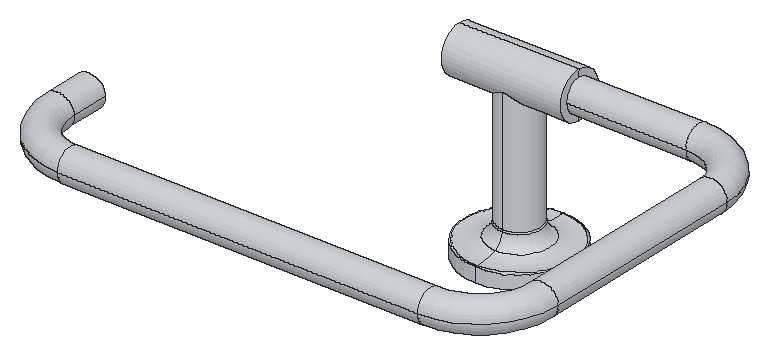
Revit family "Accessory-Towel_Ring-KOHLER-Purist-K-14441BR_1", category Specialty Equipment, host Face, Revit 2017
Family settings
  Host = Face
  Round Connector Dimension = Use Diameter
  Part Type = Normal
  OmniClass Number = 23.31.25.00
  OmniClass Title = Toilet and Bath Specialties
  Cut with Voids When Loaded = No
  Shared = No
  Room Calculation Point = No
Parameters (values of type "CP-Polished Chrome")
  Width = 8 219/256"  # constant formula
  WaterSense Certified = 1 = 0  # no
  URL = "https://br.kohler.com/"
  Type = 1
  Product Page URL = "https://br.kohler.com/product-detail/14441br?skuid=K-14441BR-CP"
  Product Name = "Purist"  # constant formula
  Product Documentation Link = ""
  Model = if(Type = 1, "K-14441BR-CP", if(Type = 2, "K-14441BR-BN", if(Type = 3, "K-14441BR-RGD", "NA")))  # "K-14441BR-CP"
  Material = "Premium Metal Construction"  # constant formula
  Master Format 2014 Name = "Toilet, Bath, and Laundry Accessories"  # constant formula
  Master Format 2014 = "10 28 00"  # constant formula
  Manufacturer Address = "Rio de Janeiro MULTIREPAROS RUA BATISTA DA COSTA, Nº 352 | STORE B Rio de Janeiro SÃO GONÇALO 24450-470"  # constant formula
  Manufacturer = "KOHLER Co."  # constant formula
  Length = 3 29/128"  # constant formula
  Height = 6 31/32"  # constant formula
  Finish = Kohler-Metal-CP-Polished_Chrome
  Environmental Product Declaration = ""
  Description = "Ring towel rack"  # constant formula
  Default Elevation = 42"
  Declare Label = ""
  Date Modified = "07/09/2020"  # constant formula
  Date Created = "07/09/2020"  # constant formula
  Copyright = "Copyright KOHLER Co."  # constant formula
  Contact Us = "https://br.kohler.com/asr-listing"
  Assembly Code = "C1030200"
  ADA Compliant = 1 = 0  # no
Types (4): name | Type | Product Page URL | Model | Finish
  (no name) | 1 | "https://br.kohler.com/product-detail/14441br?skuid=K-14441BR-CP" | "K-14441BR-CP" | Kohler-Metal-CP-Polished_Chrome
  CP-Polished Chrome | 1 | "https://br.kohler.com/product-detail/14441br?skuid=K-14441BR-CP" | "K-14441BR-CP" | Kohler-Metal-CP-Polished_Chrome
  BN-Vibrant Brushed Nickel | 2 | "https://br.kohler.com/product-detail/14441br?skuid=K-14441BR-BN" | "K-14441BR-BN" | Kohler-Metal-BN-Vibrant_Brushed_Nickel
  RGD-Vibrant Rose Gold | 3 | "https://br.kohler.com/product-detail/14441br?skuid=K-14441BR-RGD" | "K-14441BR-RGD" | Kohler-Metal-RGD-Polished_Rose_Gold
Reference planes (in)
  plane 1 "Center (Front/Back)": y = 0
  plane 2: z = 0
  plane 3 "Center (Left/Right)": x = 0
  plane 4: x = -3.89761
  plane 5: x = -4.17323
  plane 6: z = 0.25558
  plane 7: x = -4.44885
  plane 8: x = 4.40662
  plane 9: x = 0.94488
  plane 10: x = 3.85701
  plane 11: y = 0.94488
  plane 12: y = -0.94488
  plane 13: z = 3.22656
  plane 14: z = 2.55763
  plane 15: z = 2.43955
  plane 16: x = -0.94488
  plane 17: x = 4.13264
  plane 18: y = 0.3937
  plane 19: y = -0.3937
  plane 20: y = -5.47243
  plane 21: y = -6.02387
  plane 22: y = -5.74805
  plane 23: x = -1.02362
  plane 24: x = 1.02362
  plane 25: y = -4.01893
  plane 26: z = 3.10887
  plane 27: y = -2.53949
  plane 28: z = 2.83325
  plane 29: x = 0.35433
  plane 30: x = -0.35433
  plane 31: y = 0.35433
  plane 32: y = -0.35433
Dimensions and locks (in)
  plane 16 to plane 9 = 1.88976"
  plane 11 to plane 12 = 1.88976"
  "Height": plane 11 to plane 21
  "Width": plane 7 to plane 8
  "Length": plane 13 to level
  aligned and locked: plane 2 to host face
  aligned and locked: level to host face
  aligned and locked: plane 3 "Center (Left/Right)" to nested 1
  aligned and locked: plane 1 "Center (Front/Back)" to nested 1
Automatic sketch dimensions
  host sketch curve to host sketch curve = 96"  (x2)
Nested families (in)
  nested 1: "K-14441BR" at (0, 0, 0), type "K-14441BR"
Definition of nested family "K-14441BR"
  Parameters (values of type "K-14441BR")
    Material = none
  Reference planes (in)
    plane 1 "Center (Front/Back)": y = 0
    plane 2: z = 0
    plane 3 "Center (Left/Right)": x = 0
    plane 4: y = -0.94488
    plane 5: y = 0.94488
    plane 6: y = -6.02367
    plane 7: y = 0.3937
    plane 8: y = -0.3937
    plane 9: y = -5.47243
    plane 10: x = -4.17323
    plane 11: x = -4.44885
    plane 12: x = -3.89761
    plane 13: x = 3.85701
    plane 14: x = 4.40826
    plane 15: x = 4.13264
    plane 16: y = -5.74805
    plane 17: x = -0.94488
    plane 18: x = 0.94488
    plane 19: z = 3.22695
    plane 20: z = 3.10887
    plane 21: z = 2.55763
    plane 22: z = 2.43955
    plane 23: z = 0.25558
    plane 24: z = 2.83325
    plane 25: y = -4.01893
    plane 26: x = -1.02362
    plane 27: x = 1.02362
  Forms (in)
    Revolve 1, solid, material <- "Material", detail levels medium+fine
      sketch origin (0, 0, 0) x (0, 1, 0) y (0, 0, 1)
        loop
          line (0.94488, 0) -> (0.94488, 0.23717)
          arc (0.94488, 0.23717) -> (0.9379, 0.25155) -> (0.92229, 0.25497) r 0.0183
          arc (0.92229, 0.25497) -> (0.71403, 0.24345) -> (0.51525, 0.30661) r 0.57796
          arc (0.51525, 0.30661) -> (0.41222, 0.40082) -> (0.36741, 0.53304) r 0.28033
          arc (0.36741, 0.53304) -> (0.36344, 0.54785) -> (0.35433, 0.56019) r 0.04125
          line (0.35433, 0.56019) -> (0.35433, 2.81812) -> (0, 2.81812) -> (0, 0) -> (0.94488, 0)
        axis (0, 2.81812) -> (0, 0)
      angle from 0 to 360
    Revolve 2, solid, material <- "Material", detail levels medium+fine
      sketch origin (0, 0, 0) x (1, 0, 0) y (0, 0, 1)
        loop
          line (1.02362, 2.83325) -> (1.02362, 3.22695) -> (-1.02362, 3.22695) -> (-1.02362, 3.19589)
          arc (-1.02362, 3.19589) -> (-0.99214, 3.01578) -> (-0.98159, 2.83325) r 1.58553
          line (-0.98159, 2.83325) -> (1.02362, 2.83325)
        axis (-1.02362, 2.83325) -> (1.02362, 2.83325)
      angle from 0 to 360
    Sweep 3, solid, material <- "Material", detail levels medium+fine
      path origin (0, 0, 0) x (1, 0, 0) y (0, 1, 0)
        loop
          line (1.02362, 0) -> (3.07013, 0)
          arc (3.07013, 0) -> (3.82143, -0.3112) -> (4.13263, -1.0625) r 1.0625
          line (4.13263, -1.0625) -> (4.13263, -4.68555)
          arc (4.13263, -4.68555) -> (3.82143, -5.43685) -> (3.07013, -5.74805) r 1.0625
          line (3.07013, -5.74805) -> (-3.11073, -5.74805)
          arc (-3.11073, -5.74805) -> (-3.86203, -5.43685) -> (-4.17323, -4.68555) r 1.0625
          line (-4.17323, -4.68555) -> (-4.17323, -4.01893)
      profile origin (2.04688, 0, 0) x (0, 1, 0) y (0, 0, 1)
        loop
          circle (0, 2.83325) r 0.27562
    Revolve 4, solid, material <- "Material", detail levels coarse
      sketch origin (0, 0, 0) x (1, 0, 0) y (0, 0, 1)
        loop
          line (-0.94488, 0) -> (0, 0) -> (0, 2.83325) -> (-0.35433, 2.83325) -> (-0.35433, 0.25558) -> (-0.94488, 0.25558) -> (-0.94488, 0)
        axis (0, 0) -> (0, 2.83325)
      angle from 0 to 360
    Sweep 5, solid, material <- "Material", detail levels coarse
      path origin (0, 0, 0) x (1, 0, 0) y (0, 1, 0)
        loop
          line (-4.44885, -4.01893) -> (-4.44885, -4.68636)
          arc (-4.44885, -4.68636) -> (-4.05716, -5.63198) -> (-3.11154, -6.02367) r 1.33731
          line (-3.11154, -6.02367) -> (3.07108, -6.02367)
          arc (3.07108, -6.02367) -> (4.01661, -5.63202) -> (4.40826, -4.68649) r 1.33718
          line (4.40826, -4.68649) -> (4.40826, -1.06159)
          arc (4.40826, -1.06159) -> (4.0166, -0.11604) -> (3.07105, 0.27562) r 1.33721
          line (3.07105, 0.27562) -> (1.02362, 0.27562)
      profile origin (-0.02023, -6.02367, 0) x (0, 1, 0) y (0, 0, 1)
        loop
          circle (0.27562, 2.83325) r 0.29528
    Extrusion 6, solid, material <- "Material", detail levels coarse
      sketch origin (0, 0, 0) x (0, 1, 0) y (0, 0, 1)
        loop
          circle (0, 2.83325) r 0.3937
      from -1.02362 to 1.02362
  Cuts and joins
    joined: Revolve 1, Revolve 2, Sweep 3
    joined: Revolve 4, Sweep 5, Extrusion 6
  Lines and regions (in)
    Masking region 1
      outline origin (0, 0, 0) x (1, 0, 0) y (0, 0, 1)
        loop
          line (1.02362, 3.22695) -> (-1.02362, 3.22695) -> (-1.02362, 3.10887) -> (-4.17209, 3.10887)
          arc (-4.17209, 3.10887) -> (-4.44771, 2.83325) -> (-4.17209, 2.55763) r 0.27562
          line (-4.17209, 2.55763) -> (-1.02362, 2.55763) -> (-1.02362, 2.43955) -> (-0.35433, 2.43955) -> (-0.35433, 0.56019)
          arc (-0.35433, 0.56019) -> (-0.36366, 0.54508) -> (-0.36796, 0.52784) r 0.05768
          arc (-0.36796, 0.52784) -> (-0.41765, 0.39249) -> (-0.52845, 0.30023) r 0.278
          arc (-0.52845, 0.30023) -> (-0.58666, 0.27584) -> (-0.64643, 0.25558) r 0.89997
          line (-0.64643, 0.25558) -> (-0.92478, 0.25558)
          arc (-0.92478, 0.25558) -> (-0.93899, 0.24969) -> (-0.94488, 0.23547) r 0.02011
          line (-0.94488, 0.23547) -> (-0.94488, 0) -> (0.94488, 0) -> (0.94488, 0.23547)
          arc (0.94488, 0.23547) -> (0.93899, 0.24969) -> (0.92478, 0.25558) r 0.02011
          line (0.92478, 0.25558) -> (0.64643, 0.25558)
          arc (0.64643, 0.25558) -> (0.58666, 0.27584) -> (0.52845, 0.30023) r 0.89997
          arc (0.52845, 0.30023) -> (0.41765, 0.39249) -> (0.36796, 0.52784) r 0.278
          arc (0.36796, 0.52784) -> (0.36366, 0.54508) -> (0.35433, 0.56019) r 0.05768
          line (0.35433, 0.56019) -> (0.35433, 2.43955) -> (1.02362, 2.43955) -> (1.02362, 2.55763) -> (4.13452, 2.55763)
          arc (4.13452, 2.55763) -> (4.41014, 2.83325) -> (4.13452, 3.10887) r 0.27562
          line (4.13452, 3.10887) -> (1.02362, 3.10887) -> (1.02362, 3.22695)
    Masking region 2
      outline origin (0, 0, 0) x (0, 1, 0) y (0, 0, 1)
        loop
          line (0.94488, 0) -> (0.94488, 0.23578)
          arc (0.94488, 0.23578) -> (0.93911, 0.24971) -> (0.92518, 0.25548) r 0.0197
          line (0.92518, 0.25548) -> (0.64753, 0.25548)
          arc (0.64753, 0.25548) -> (0.59761, 0.27211) -> (0.5482, 0.29019) r 1.80399
          arc (0.5482, 0.29019) -> (0.4244, 0.38305) -> (0.36829, 0.52727) r 0.28184
          arc (0.36829, 0.52727) -> (0.36386, 0.54481) -> (0.35433, 0.56019) r 0.05896
          line (0.35433, 0.56019) -> (0.35433, 2.66164)
          arc (0.35433, 2.66164) -> (0.22659, 3.15521) -> (-0.28113, 3.10887) r 0.3937
          line (-0.28113, 3.10887) -> (-5.76127, 3.10887)
          arc (-5.76127, 3.10887) -> (-6.02425, 2.82704) -> (-5.74856, 2.55763) r 0.27577
          line (-5.74856, 2.55763) -> (-0.35433, 2.55763) -> (-0.35433, 0.56019)
          arc (-0.35433, 0.56019) -> (-0.36386, 0.54481) -> (-0.36829, 0.52727) r 0.05896
          arc (-0.36829, 0.52727) -> (-0.4244, 0.38305) -> (-0.5482, 0.29019) r 0.28184
          arc (-0.5482, 0.29019) -> (-0.59761, 0.27211) -> (-0.64753, 0.25548) r 1.80399
          line (-0.64753, 0.25548) -> (-0.92518, 0.25548)
          arc (-0.92518, 0.25548) -> (-0.93911, 0.24971) -> (-0.94488, 0.23578) r 0.0197
          line (-0.94488, 0.23578) -> (-0.94488, 0) -> (0.94488, 0)
    Masking region 3
      outline origin (0, 0, 0) x (1, 0, 0) y (0, 1, 0)
        loop
          line (-1.02362, 0.3937) -> (-1.02362, -0.3937) -> (-0.85895, -0.3937)
          arc (-0.85895, -0.3937) -> (0, -0.94488) -> (0.85895, -0.3937) r 0.94488
          line (0.85895, -0.3937) -> (1.02362, -0.3937) -> (1.02362, -0.27562) -> (3.0718, -0.27562)
          arc (3.0718, -0.27562) -> (3.62703, -0.5056) -> (3.85701, -1.06083) r 0.78521
          line (3.85701, -1.06083) -> (3.85701, -4.6884)
          arc (3.85701, -4.6884) -> (3.62737, -5.24279) -> (3.07298, -5.47243) r 0.78403
          line (3.07298, -5.47243) -> (-3.11261, -5.47243)
          arc (-3.11261, -5.47243) -> (-3.66769, -5.24251) -> (-3.89761, -4.68743) r 0.785
          line (-3.89761, -4.68743) -> (-3.89761, -4.01893) -> (-4.44885, -4.01893) -> (-4.44885, -4.68636)
          arc (-4.44885, -4.68636) -> (-4.05716, -5.63198) -> (-3.11154, -6.02367) r 1.33731
          line (-3.11154, -6.02367) -> (3.07108, -6.02367)
          arc (3.07108, -6.02367) -> (4.01661, -5.63202) -> (4.40826, -4.68649) r 1.33718
          line (4.40826, -4.68649) -> (4.40826, -1.06159)
          arc (4.40826, -1.06159) -> (4.0166, -0.11604) -> (3.07105, 0.27562) r 1.33721
          line (3.07105, 0.27562) -> (1.02362, 0.27562) -> (1.02362, 0.3937) -> (0.85895, 0.3937)
          arc (0.85895, 0.3937) -> (0, 0.94488) -> (-0.85895, 0.3937) r 0.94488
          line (-0.85895, 0.3937) -> (-1.02362, 0.3937)
    symbolic lines, detail levels medium+fine
      curve 1: line (-0.35433, 0, 0.56019) -> (0.35433, 0, 0.56019)
      curve 2: line (-0.64643, 0, 0.25558) -> (0.64643, 0, 0.25558)
      curve 3: arc (0, 0.35433, 2.66164) -> (0, -0.22659, 2.51129) -> (0, -0.28113, 3.10887) r 0.3937
      curve 4: circle (0, 0, 2.83325) r 0.36264 normal (1, 0, 0)
      curve 5: line (0, -4.01893, 2.55763) -> (0, -4.01893, 3.10887)
      curve 6: line (0, -0.35433, 0.56019) -> (0, 0.35433, 0.56019)
      curve 7: line (0, 0.64753, 0.25548) -> (0, -0.64753, 0.25548)
      curve 8: line (0, -0.35433, 2.55763) -> (0, -0.35433, 2.66164)
      curve 9: line (1.02362, 0.27562, 0) -> (1.02362, -0.27562, 0)
      curve 10: line (-0.85895, 0.3937, 0) -> (0.85895, 0.3937, 0)
      curve 11: line (-0.85895, -0.3937, 0) -> (0.85895, -0.3937, 0)
      curve 12: line (-0.35433, 0, 2.43955) -> (0.35433, 0, 2.43955)
      curve 13: arc (-4.17323, 0, 2.55763) -> (-3.89761, 0, 2.83325) -> (-4.17323, 0, 3.10887) r 0.27562
      curve 14: line (-1.02362, 0, 2.55763) -> (-1.02362, 0, 3.10887)
      curve 15: line (1.02362, 0, 2.55763) -> (1.02362, 0, 3.10887)
      curve 16: line (-4.44885, -4.05042, 0) -> (-3.89761, -4.05042, 0)
      curve 17: line (0, -4.05042, 3.10887) -> (0, -4.05042, 2.55763)
      curve 18: circle (-4.17323, 0, 2.83325) r 0.25591 normal (0, -1, 0)
      curve 19: arc (-0.44017, -0.3937, 0) -> (0, -0.59055, 0) -> (0.44017, -0.3937, 0) r 0.59055
      curve 20: arc (0.44017, 0.3937, 0) -> (0, 0.59055, 0) -> (-0.44017, 0.3937, 0) r 0.59055
  Dimensions and locks (in)
    locked: plane 11 to plane 14 at 8.85711
    plane 5 to plane 6 = 6.96855"
    locked: plane 17 to plane 18 at 1.88976
    plane 19 to level = 3.22695"
    aligned and locked: plane 2 to level
